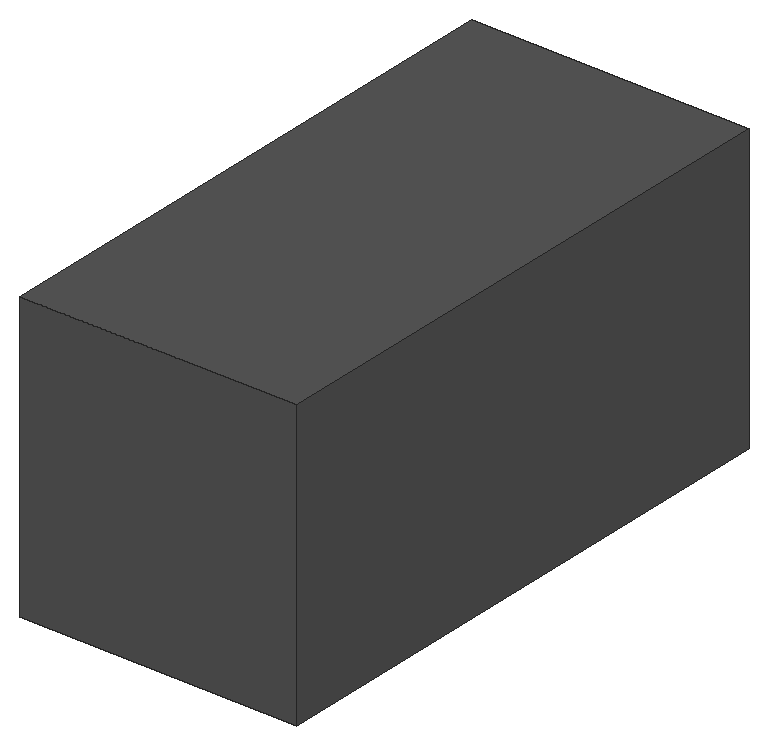
Revit family "Security_PowerSupply_AiPhone_IS-PU-UL", category Electrical Fixtures, Revit 2026
Family settings
  Round Connector Dimension = Use Diameter
  Part Type = Normal
  Classification Number = 23.85.30.11.27
  Work Plane-Based = Yes
  Always vertical = No
  Cut with Voids When Loaded = No
  Maintain Annotation Orientation = No
  Shared = No
  Room Calculation Point = No
Parameters (values of type "100-240V 50Hz")
  Warranty Duration (Years) = 0
  Unit Width = 0' - 5 1/8"
  Unit Height = 0' - 10 7/16"
  Unit Depth = 0' - 5 5/16"
  URL = "http://www.aiphone.com/default.htm"
  Supplied Amperage = 2.1 A
  Specification = "http://arcat.com/sd/clients/aiphone.html?coid=30204"
  SpecWizard = ""
  Send Message = "http://www.arcat.com/users.pl?action=UserEmail&company=Aiphone%20Corp.&coid=30204&rep=133&fax=425-455-0071&mf="
  Sales Information = "http://www.aiphone.com/sales/regional-sales/"
  Revision = "R1_2015-05"
  Product Properties = "http://arcat.com/bim/aiphone/aiphone.shtml?coid=30204"
  Product Data = "http://www.arcat.com/arcatcos/cos30/arc30204.html"
  Operating Temperature Range = "32 - 140 F"
  Model = "IS-PU-UL"
  Material = Metal - Steel - Aiphone - Painted - Black
  Manufacturer Website = "http://www.aiphone.com/default.htm"
  Manufacturer Phone - Toll Free = "800-692-0200 "
  Manufacturer Phone = "425-455-0510 "
  Manufacturer Fax = "425-455-0071"
  Manufacturer Address = "1700 130th Ave. N. E. Bellevue, WA 98005"
  Manufacturer = "Aiphone Corp."
  Maintenance Schedule (Months) = 0
  Keynote = "13700"
  Installation-Fabrication = "http://www.aiphone.com/products/alpha-list/"
  Installation Phase = ""
  Green Building-LEED = "http://www.arcat.com/green/clients/leed_data_30204.html"
  Expected Lifespan (Years) = 0
  Electrical_Wattage = 120 W
  Electrical_Voltage [instance] = 0 V
  Electrical_Frequency = 50 Hz
  Drawn By = "Sumex Design, Inc. / Robert S. Weygant, CSI, CDT, SCIP"
  Description = "Aiphone IS Series Power Supply"
  Default Elevation = 0' - 0"
  Copyright = "©Arcat Inc."
  Construction Details = "http://www.arcat.com/details/aiphone/aiphone.html?coid=30204"
  Assembly Code = "D5030900"
Types (2): name | Electrical_Frequency
  100-240V 50Hz | 50 Hz
  100-240V 60Hz | 60 Hz
Reference planes (in)
  plane 1 "Center (Front/Back)": y = 0
  plane 2 "Bottom": z = 0
  plane 3 "Center (Left/Right)": x = 0
  plane 4 "Front": y = -5.21875
  plane 5 "Back": y = 5.21875
  plane 6 "Left": x = -2.5625
  plane 7 "Right": x = 2.5625
  plane 8 "Top": z = 5.3125
Forms (in)
  Extrusion 1, solid, material "Metal - Steel - Aiphone - Painted - Black" <- "Material"
    sketch origin (0, 0, 0) x (1, 0, 0) y (0, 1, 0)
      loop
        line (-2.5625, 5.21875) -> (-2.5625, -5.21875) -> (2.5625, -5.21875) -> (2.5625, 5.21875) -> (-2.5625, 5.21875)
    from 0 to 5.3125
Lines and regions (in)
  model lines, detail levels fine
    curve 1: line (-0.44655, 5.21875, 1.86883) -> (-1.41339, 5.21875, 1.86883)
    curve 2: line (-0.44655, 5.21875, 1.44835) -> (-0.44655, 5.21875, 1.86883)
    curve 3: line (-1.16339, 5.21875, 1.19835) -> (-0.69655, 5.21875, 1.19835)
    curve 4: line (-1.41339, 5.21875, 1.86883) -> (-1.41339, 5.21875, 1.44835)
    curve 5: line (1.51863, 5.21875, 1.34735) -> (1.07339, 5.21875, 1.34735)
    curve 6: line (1.07339, 5.21875, 0.67481) -> (1.51863, 5.21875, 0.67481)
    curve 7: line (1.07339, 5.21875, 1.34735) -> (1.07339, 5.21875, 0.67481)
    curve 8: line (1.51863, 5.21875, 0.67481) -> (1.51863, 5.21875, 1.34735)
    curve 9: line (1.29751, 5.21875, 0.67481) -> (1.29751, 5.21875, 1.34735)
    curve 10: line (-0.44655, 5.21875, 1.44835) -> (-0.69655, 5.21875, 1.19835)
    curve 11: line (-1.41339, 5.21875, 1.44835) -> (-1.16339, 5.21875, 1.19835)
    curve 12: line (-0.35603, 5.21875, 1.95738) -> (-1.50835, 5.21875, 1.95738)
    curve 13: line (-0.35603, 5.21875, 1.11867) -> (-0.35603, 5.21875, 1.95738)
    curve 14: line (-1.50835, 5.21875, 1.11867) -> (-0.35603, 5.21875, 1.11867)
    curve 15: line (-1.50835, 5.21875, 1.95738) -> (-1.50835, 5.21875, 1.11867)
Dimensions and locks (in)
  equal spacing: plane 6 "Left", plane 3 "Center (Left/Right)", plane 7 "Right"
  "Unit Width": plane 6 "Left" to plane 7 "Right"
  equal spacing: plane 5 "Back", plane 1 "Center (Front/Back)", plane 4 "Front"
  "Unit Height": plane 5 "Back" to plane 4 "Front"
  "Unit Depth": plane 8 "Top" to level
  aligned and locked: plane 8 "Top" to Extrusion 1
Automatic sketch dimensions
  Extrusion 1 sketch curve to plane 4 "Front" = 0' - 0"
  Extrusion 1 sketch curve to plane 6 "Left" = 0' - 0"
  Extrusion 1 sketch curve to plane 7 "Right" = 0' - 0"
  Extrusion 1 sketch curve to plane 5 "Back" = 0' - 0"
  curve 5 to plane 7 "Right" = 0' - 1.04387"
  curve 5 to curve 9 = 0' - 0.22112"
  curve 9 to curve 7 = 0' - 0.22412"
  curve 13 to plane 3 "Center (Left/Right)" = 0' - 0.35603"
  curve 13 to curve 2 = 0' - 0.09052"
  curve 13 to curve 10 = 0' - 0.34052"
  curve 10 to curve 11 = 0' - 0.46684"
  curve 3 to curve 1 = 0' - 0 1/4"
  curve 4 to curve 12 = 0' - 0.09496"
  level to curve 6 = 0' - 0.67481"
  level to curve 13 = 0' - 1.11867"
  curve 13 to curve 10 = 0' - 0.07969"
  curve 6 to curve 7 = 0' - 0.67254"
  curve 14 to curve 4 = 0' - 0.32969"
  curve 13 to curve 2 = 0' - 0.32969"
  curve 11 to curve 1 = 0' - 0.42047"
  curve 1 to curve 12 = 0' - 0.08855"
Connectors (in)
  electrical at (0, 0, 0), driven by "Description"
    settings: index 1, voltage 0 V, apparent load 0 VA, apparent load phase1 0 VA, apparent load phase2 0 VA, apparent load phase3 0 VA, power factor 1, load classification "Other", number of poles 1, system type 10, power factor state 1, is connector primary yes, connector utility no, sub classification motor no, connector description "Aiphone IS Series Power Supply"
  electrical at (0, 0, 0)
    settings: on Extrusion 1, index 2, voltage 0 V, apparent load 0 VA, apparent load phase1 0 VA, apparent load phase2 0 VA, apparent load phase3 0 VA, power factor 1, load classification "Other", number of poles 1, system type 31, power factor state 1, is connector primary no, connector utility no, sub classification motor no, connector description ""
